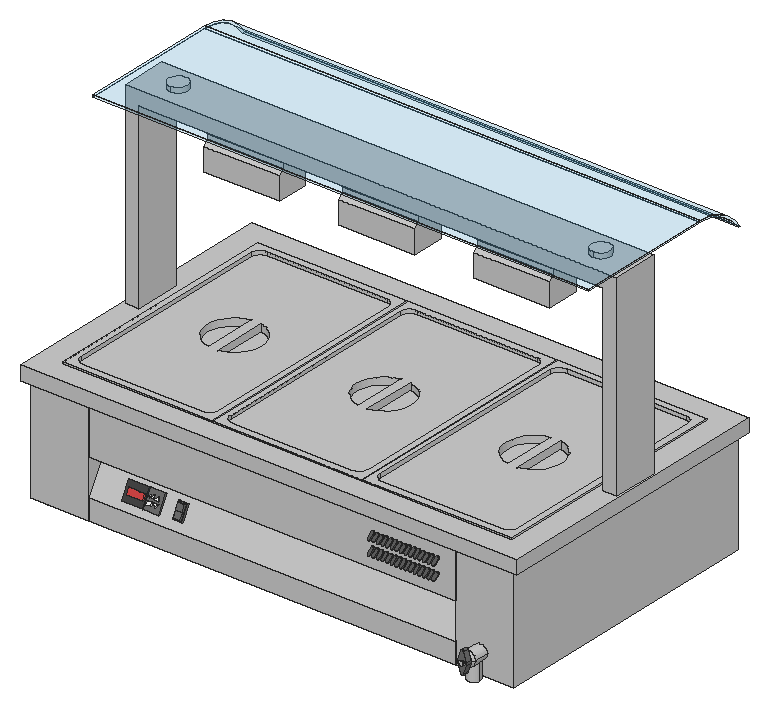
Revit family "QF_INOMAK_MSV610_250605082435", category Specialty Equipment, Revit 2021
Family settings
  Round Connector Dimension = Use Diameter
  Part Type = Normal
  OmniClass Number = 23.40.40.14
  OmniClass Title = Food Service Equipment
  Work Plane-Based = No
  Always vertical = Yes
  Cut with Voids When Loaded = No
  Shared = No
  Room Calculation Point = No
Parameters (values of type "MSV610")
  Weight [instance] = 43.00 kg
  Waste Water Discharge Temperature [instance] = 0 °C
  Waste Remarks [instance] = ""
  Warranty Start Date [instance] = ""
  Warranty Duration [instance] = ""
  Volts [instance] = 230 V
  Volt Free Conn [instance] = no
  URL Recommended Spares List [instance] = ""
  URL Manufacturer [instance] = ""
  URL Cutsheet [instance] = ""
  URL Critical Spares List [instance] = ""
  URL = "www.inomak.com"
  Technical Documentation [instance] = ""
  Tag Number [instance] = ""
  Status [instance] = ""
  Start Up Current [instance] = 0 A
  Specification by User [instance] = ""
  Specification by Manufacturer [instance] = ""
  Sound Level [instance] = ""
  Show Logo [instance] = yes
  Show Clearances [instance] = yes
  Service Life Duration [instance] = ""
  Serial Number [instance] = ""
  Seismic Rating [instance] = ""
  SMACNA No [instance] = ""
  Revision Code [instance] = ""
  Revision [instance] = ""
  Production Year [instance] = ""
  Potential Equalisation [instance] = no
  Point Load [instance] = 0
  Plumbing Connection Type [instance] = ""
  Phase [instance] = 1
  Other Equipment Approvals [instance] = ""
  Operational Current [instance] = 0 A
  Number of Poles [instance] = 2
  No Load Power Draw [instance] = no
  NAFEM Spec ID Number [instance] = ""
  Model Warning [instance] = ""
  Model = "MSV610"
  Min Ckt Ampacity [instance] = 0 A
  Max Overcurrent Protection [instance] = 16 A
  Masterspec [instance] = ""
  Manufacturer = "INOMAK"
  Main switch integrated [instance] = no
  Length Actual [instance] = 1078 mm
  Item Number [instance] = ""
  Installed By [instance] = ""
  Installation Date [instance] = ""
  Indirect Waste Size [instance] = 25.4 mm
  Indirect Waste Remarks [instance] = ""
  Indirect Waste Flow [instance] = 0.0 L/s
  Indirect Waste Connection Type [instance] = ""
  Indirect Waste Connection Height [instance] = 0 mm
  Identify Quantity as Lot [instance] = no
  ID [instance] = ""
  Hygiene Approval [instance] = ""
  Height Actual [instance] = 708 mm
  HP power [instance] = ""
  Furnished By [instance] = ""
  Foodservice Equipment Identifier [instance] = no
  FL Amps [instance] = 10.4 A
  Electrical Remarks [instance] = ""
  Electric power [instance] = 2390 W
  Electric Connection Type [instance] = ""
  Elec Conn RI Height [instance] = 0 mm
  Elec Conn Connection Height [instance] = 0 mm
  ETL Approved [instance] = no
  Direct Waste Water Discharge Temperature [instance] = -273.15 °C
  Direct Waste Size [instance] = 25.4 mm
  Direct Waste RI Height [instance] = 0 mm
  Direct Waste Flow [instance] = 0.0 L/s
  Direct Waste Connection Height [instance] = 0 mm
  Description = "PORTABLE BAIN MARIE WITH 3 GN PANS CAPACITY AND DOUBLE SNEEZE GUARD"
  Depth Actual [instance] = 629 mm
  Default Elevation = 0 mm
  Cycle [instance] = 50 Hz
  Cost = 0
  Connection to energy optimisation system [instance] = yes
  Conn Plug [instance] = ""
  Conn Conduit [instance] = no
  Centralized building control system with digital interface [instance] = ""
  CSI MasterFormat [instance] = ""
  CE Approved [instance] = no
  Barcode [instance] = 0
  Author [instance] = ""
  Asset Identifier [instance] = ""
  Apparent Power [instance] = 2390 VA
  Accessory [instance] = no
Reference planes
  plane 1 "Center (Front/Back)": y = 0
  plane 2: z = 0
  plane 3 "Center (Left/Right)": x = 0
Forms (mm)
  Extrusion 1, solid, not visible
    sketch origin (995.049, -600.029, 12.001) x (1, 0, 0) y (0, 1, 0)
      loop
        line (-2, 2) -> (-2, -2) -> (2, -2) -> (2, 2) -> (-2, 2)
    from -2 to 2
  Extrusion 2, solid, not visible
    sketch origin (80.004, -600.029, 12.001) x (1, 0, 0) y (0, 1, 0)
      loop
        line (-2, 2) -> (-2, -2) -> (2, -2) -> (2, 2) -> (-2, 2)
    from -2 to 2
Dimensions and locks
  locked: nested 2 to Extrusion 1 at 2  (x2)
  locked: nested 3 to Extrusion 2 at 2  (x2)
  aligned and locked: level to plane 2
Nested families
  nested 1: "QF_INOMAK_PORTABLE_BAIN_MARIES_1080_2920" at (0, 0, 0), type "MSV610"
    with Weight 43.00 kg, Warranty Start Date "", Warranty Duration "", URL Cutsheet "", Technical Documentation "", Tag Number "", Status "", Specification by User "", Specification by Manufacturer "", Sound Level "", Solid Fuel Type "", Show Logo yes, Show Clearances yes, Service Life Duration "", Serial Number "", Seismic Rating "", SMACNA No "", Revision Code "", Revision "", Production Year "", Point Load 0, Other Equipment Approvals "", NAFEM Spec ID Number "", Model Warning "", Masterspec "", Length Actual 1078 mm, Item Number "", Installed By "", Installation Date "", Identify Quantity as Lot yes, ID "", Hygiene Approval "", Height Actual 708 mm, Furnished By "", Foodservice Equipment Identifier yes, ETL Approved yes, Depth Actual 629 mm, CSI MasterFormat "", CE Approved yes, Barcode "", Author "", Asset Identifier "", Accessory no
  nested 2: "CONN_POINT_DRAIN_2D___Generic_Annotation" at (995.049, -600.029, 10), type "CONN_POINT_DRAIN_2D___Generic_Annotation"
    with Onboard connection annotation symbol visibility yes
  nested 3: "CONN_POINT_ELE_2D___Generic_Annotation" at (80.004, -600.029, 10), type "CONN_POINT_ELE_2D___Generic_Annotation"
    with Onboard connection annotation symbol visibility yes
  nested 4: "QF_INOMAK_HEAT_WORKTOPS_HTSS_1080_4720" at (0, 0, 268), type "HTSS-1080-630"
    with Weight 0.00 kg, Warranty Start Date "", Warranty Duration "", URL Cutsheet "", Technical Documentation "", Tag Number "", Status "", Specification by User "", Specification by Manufacturer "", Sound Level "", Solid Fuel Type "", Show Logo yes, Show Clearances yes, Service Life Duration "", Serial Number "", Seismic Rating "", SMACNA No "", Revision Code "", Revision "", Production Year "", Point Load 0, Other Equipment Approvals "", NAFEM Spec ID Number "", Model Warning "", Masterspec "", Length Actual 1078 mm, Item Number "", Installed By "", Installation Date "", Identify Quantity as Lot yes, ID "", Hygiene Approval "", Height Actual 440 mm, Furnished By "", Foodservice Equipment Identifier yes, ETL Approved yes, Depth Actual 629 mm, CSI MasterFormat "", CE Approved yes, Barcode "", Author "", Asset Identifier "", Accessory yes
Connectors
  piping at (995.049, -600.029, 10), diameter 25.4, driven by "Indirect Waste Size", driven by "Direct Waste Flow"
    settings: on Extrusion 1, index 1, connector inside diameter 609.6 mm, connector length 0 mm, flow factor 0, pipe flow 0.0 L/s, pressure drop 0.0 Pa, fitting loss kfactor 0, connector angle 0.00°, fixture units 0, engagement length 0 mm, angle of deflection 0.00°, flow configuration 1, flow direction 2, fitting loss method 0, system type 16, joint type 0, gender type 0, connector reference index -1, connector utility 0, adjustable connector no, is connector primary yes, connector description "Waste connection for MSV610"
  electrical at (80.004, -600.029, 10), driven by "Apparent Power", driven by "Number of Poles", driven by "Volts"
    settings: on Extrusion 2, index 2, voltage 230 V, apparent load 0 VA, apparent load phase1 2390 VA, apparent load phase2 0 VA, apparent load phase3 0 VA, power factor 1, load classification "Other", number of poles 2, system type 31, power factor state 1, is connector primary yes, connector utility no, sub classification motor no, connector description "Electrical connection for MSV610"
Definition of nested family "QF_INOMAK_PORTABLE_BAIN_MARIES_1080_2920"
  Parameters (values of type "MBSQ610")
    Weight [instance] = 0.00 kg
    Warranty Start Date [instance] = ""
    Warranty Duration [instance] = ""
    URL Cutsheet [instance] = ""
    URL = "www.inomak.com"
    Technical Documentation [instance] = ""
    Tag Number [instance] = ""
    Status [instance] = ""
    Specification by User [instance] = ""
    Specification by Manufacturer [instance] = ""
    Sound Level [instance] = ""
    Solid Fuel Type [instance] = ""
    Show Logo [instance] = yes
    Show Clearances [instance] = yes
    Service Life Duration [instance] = ""
    Serial Number [instance] = ""
    Seismic Rating [instance] = ""
    SMACNA No [instance] = ""
    Revision Code [instance] = ""
    Revision [instance] = ""
    Production Year [instance] = ""
    Point Load [instance] = 0
    Other Equipment Approvals [instance] = ""
    NAFEM Spec ID Number [instance] = ""
    Model Warning [instance] = ""
    Model = "MBSQ610"
    Masterspec [instance] = ""
    Manufacturer = "INOMAK"
    Length Actual [instance] = 0 mm
    Item Number [instance] = ""
    Installed By [instance] = ""
    Installation Date [instance] = ""
    Identify Quantity as Lot [instance] = yes
    ID [instance] = ""
    Hygiene Approval [instance] = ""
    Height Actual [instance] = 0 mm
    Furnished By [instance] = ""
    Foodservice Equipment Identifier [instance] = yes
    ETL Approved [instance] = yes
    Description = "PORTABLE BAIN MARIE WITH 3 GN PANS CAPACITY AND SQUARE SHOWCASE"
    Depth Actual [instance] = 0 mm
    Default Elevation = 0 mm
    CSI MasterFormat [instance] = ""
    CE Approved [instance] = yes
    Barcode [instance] = ""
    Author [instance] = ""
    Asset Identifier [instance] = ""
    Assembly Code = "E1090320"
    Accessory [instance] = yes
  Types (5, lengths in mm): name | Model | Description
    MBV610 | "MBV610" | "PORTABLE BAIN MARIE WITH 3 GN PANS CAPACITY AND SHOWCASE"
    MAV610 | "MAV610" | "PORTABLE BAIN MARIE WITH 3 GN PANS CAPACITY"
    MEV610 | "MEV610" | "PORTABLE BAIN MARIE WITH 3 GN PANS CAPACITY AND SINGLE SNEEZE GUARD"
    MSV610 | "MSV610" | "PORTABLE BAIN MARIE WITH 3 GN PANS CAPACITY AND DOUBLE SNEEZE GUARD"
    MBSQ610 | "MBSQ610" | "PORTABLE BAIN MARIE WITH 3 GN PANS CAPACITY AND SQUARE SHOWCASE"
  Reference planes
    plane 1 "Back": y = 0
    plane 2: z = 0
    plane 3 "Left": x = 0
    plane 4 "Right": x = 1078
    plane 5 "Front": y = -629
    plane 6 "Top": z = 268
  Forms (mm)
    Extrusion 1, solid
      sketch origin (233.428, -636, -16.393) x (-1, 0, 0) y (0, 0, 1)
        loop
          arc (-522.253, 222.665) -> (-526.351, 223.763) -> (-527.449, 219.665) r 3
          line (-527.449, 219.665) -> (-518.449, 204.077)
          arc (-518.449, 204.077) -> (-514.351, 202.979) -> (-513.253, 207.077) r 3
          line (-513.253, 207.077) -> (-522.253, 222.665)
        loop
          arc (-532.253, 222.665) -> (-536.351, 223.763) -> (-537.449, 219.665) r 3
          line (-537.449, 219.665) -> (-528.449, 204.077)
          arc (-528.449, 204.077) -> (-524.351, 202.979) -> (-523.253, 207.077) r 3
          line (-523.253, 207.077) -> (-532.253, 222.665)
        loop
          arc (-542.253, 222.665) -> (-546.351, 223.763) -> (-547.449, 219.665) r 3
          line (-547.449, 219.665) -> (-538.449, 204.077)
          arc (-538.449, 204.077) -> (-534.351, 202.979) -> (-533.253, 207.077) r 3
          line (-533.253, 207.077) -> (-542.253, 222.665)
        loop
          arc (-552.253, 222.665) -> (-556.351, 223.763) -> (-557.449, 219.665) r 3
          line (-557.449, 219.665) -> (-548.449, 204.077)
          arc (-548.449, 204.077) -> (-544.351, 202.979) -> (-543.253, 207.077) r 3
          line (-543.253, 207.077) -> (-552.253, 222.665)
        loop
          arc (-562.253, 222.665) -> (-566.351, 223.763) -> (-567.449, 219.665) r 3
          line (-567.449, 219.665) -> (-558.449, 204.077)
          arc (-558.449, 204.077) -> (-554.351, 202.979) -> (-553.253, 207.077) r 3
          line (-553.253, 207.077) -> (-562.253, 222.665)
        loop
          arc (-572.253, 222.665) -> (-576.351, 223.763) -> (-577.449, 219.665) r 3
          line (-577.449, 219.665) -> (-568.449, 204.077)
          arc (-568.449, 204.077) -> (-564.351, 202.979) -> (-563.253, 207.077) r 3
          line (-563.253, 207.077) -> (-572.253, 222.665)
        loop
          arc (-582.253, 222.665) -> (-586.351, 223.763) -> (-587.449, 219.665) r 3
          line (-587.449, 219.665) -> (-578.449, 204.077)
          arc (-578.449, 204.077) -> (-574.351, 202.979) -> (-573.253, 207.077) r 3
          line (-573.253, 207.077) -> (-582.253, 222.665)
        loop
          arc (-592.253, 222.665) -> (-596.351, 223.763) -> (-597.449, 219.665) r 3
          line (-597.449, 219.665) -> (-588.449, 204.077)
          arc (-588.449, 204.077) -> (-584.351, 202.979) -> (-583.253, 207.077) r 3
          line (-583.253, 207.077) -> (-592.253, 222.665)
        loop
          arc (-602.253, 222.665) -> (-606.351, 223.763) -> (-607.449, 219.665) r 3
          line (-607.449, 219.665) -> (-598.449, 204.077)
          arc (-598.449, 204.077) -> (-594.351, 202.979) -> (-593.253, 207.077) r 3
          line (-593.253, 207.077) -> (-602.253, 222.665)
        loop
          arc (-612.253, 222.665) -> (-616.351, 223.763) -> (-617.449, 219.665) r 3
          line (-617.449, 219.665) -> (-608.449, 204.077)
          arc (-608.449, 204.077) -> (-604.351, 202.979) -> (-603.253, 207.077) r 3
          line (-603.253, 207.077) -> (-612.253, 222.665)
        loop
          arc (-622.253, 222.665) -> (-626.351, 223.763) -> (-627.449, 219.665) r 3
          line (-627.449, 219.665) -> (-618.449, 204.077)
          arc (-618.449, 204.077) -> (-614.351, 202.979) -> (-613.253, 207.077) r 3
          line (-613.253, 207.077) -> (-622.253, 222.665)
        loop
          arc (-632.253, 222.665) -> (-636.351, 223.763) -> (-637.449, 219.665) r 3
          line (-637.449, 219.665) -> (-628.449, 204.077)
          arc (-628.449, 204.077) -> (-624.351, 202.979) -> (-623.253, 207.077) r 3
          line (-623.253, 207.077) -> (-632.253, 222.665)
        loop
          arc (-642.253, 222.665) -> (-646.351, 223.763) -> (-647.449, 219.665) r 3
          line (-647.449, 219.665) -> (-638.449, 204.077)
          arc (-638.449, 204.077) -> (-634.351, 202.979) -> (-633.253, 207.077) r 3
          line (-633.253, 207.077) -> (-642.253, 222.665)
        loop
          arc (-652.253, 222.665) -> (-656.351, 223.763) -> (-657.449, 219.665) r 3
          line (-657.449, 219.665) -> (-648.449, 204.077)
          arc (-648.449, 204.077) -> (-644.351, 202.979) -> (-643.253, 207.077) r 3
          line (-643.253, 207.077) -> (-652.253, 222.665)
        loop
          arc (-662.253, 222.665) -> (-666.351, 223.763) -> (-667.449, 219.665) r 3
          line (-667.449, 219.665) -> (-658.449, 204.077)
          arc (-658.449, 204.077) -> (-654.351, 202.979) -> (-653.253, 207.077) r 3
          line (-653.253, 207.077) -> (-662.253, 222.665)
        loop
          arc (-522.253, 192.665) -> (-526.351, 193.763) -> (-527.449, 189.665) r 3
          line (-527.449, 189.665) -> (-518.449, 174.077)
          arc (-518.449, 174.077) -> (-514.351, 172.979) -> (-513.253, 177.077) r 3
          line (-513.253, 177.077) -> (-522.253, 192.665)
        loop
          arc (-532.253, 192.665) -> (-536.351, 193.763) -> (-537.449, 189.665) r 3
          line (-537.449, 189.665) -> (-528.449, 174.077)
          arc (-528.449, 174.077) -> (-524.351, 172.979) -> (-523.253, 177.077) r 3
          line (-523.253, 177.077) -> (-532.253, 192.665)
        loop
          arc (-542.253, 192.665) -> (-546.351, 193.763) -> (-547.449, 189.665) r 3
          line (-547.449, 189.665) -> (-538.449, 174.077)
          arc (-538.449, 174.077) -> (-534.351, 172.979) -> (-533.253, 177.077) r 3
          line (-533.253, 177.077) -> (-542.253, 192.665)
        loop
          arc (-552.253, 192.665) -> (-556.351, 193.763) -> (-557.449, 189.665) r 3
          line (-557.449, 189.665) -> (-548.449, 174.077)
          arc (-548.449, 174.077) -> (-544.351, 172.979) -> (-543.253, 177.077) r 3
          line (-543.253, 177.077) -> (-552.253, 192.665)
        loop
          arc (-562.253, 192.665) -> (-566.351, 193.763) -> (-567.449, 189.665) r 3
          line (-567.449, 189.665) -> (-558.449, 174.077)
          arc (-558.449, 174.077) -> (-554.351, 172.979) -> (-553.253, 177.077) r 3
          line (-553.253, 177.077) -> (-562.253, 192.665)
        loop
          arc (-572.253, 192.665) -> (-576.351, 193.763) -> (-577.449, 189.665) r 3
          line (-577.449, 189.665) -> (-568.449, 174.077)
          arc (-568.449, 174.077) -> (-564.351, 172.979) -> (-563.253, 177.077) r 3
          line (-563.253, 177.077) -> (-572.253, 192.665)
        loop
          arc (-582.253, 192.665) -> (-586.351, 193.763) -> (-587.449, 189.665) r 3
          line (-587.449, 189.665) -> (-578.449, 174.077)
          arc (-578.449, 174.077) -> (-574.351, 172.979) -> (-573.253, 177.077) r 3
          line (-573.253, 177.077) -> (-582.253, 192.665)
        loop
          arc (-592.253, 192.665) -> (-596.351, 193.763) -> (-597.449, 189.665) r 3
          line (-597.449, 189.665) -> (-588.449, 174.077)
          arc (-588.449, 174.077) -> (-584.351, 172.979) -> (-583.253, 177.077) r 3
          line (-583.253, 177.077) -> (-592.253, 192.665)
        loop
          arc (-602.253, 192.665) -> (-606.351, 193.763) -> (-607.449, 189.665) r 3
          line (-607.449, 189.665) -> (-598.449, 174.077)
          arc (-598.449, 174.077) -> (-594.351, 172.979) -> (-593.253, 177.077) r 3
          line (-593.253, 177.077) -> (-602.253, 192.665)
        loop
          arc (-612.253, 192.665) -> (-616.351, 193.763) -> (-617.449, 189.665) r 3
          line (-617.449, 189.665) -> (-608.449, 174.077)
          arc (-608.449, 174.077) -> (-604.351, 172.979) -> (-603.253, 177.077) r 3
          line (-603.253, 177.077) -> (-612.253, 192.665)
        loop
          arc (-622.253, 192.665) -> (-626.351, 193.763) -> (-627.449, 189.665) r 3
          line (-627.449, 189.665) -> (-618.449, 174.077)
          arc (-618.449, 174.077) -> (-614.351, 172.979) -> (-613.253, 177.077) r 3
          line (-613.253, 177.077) -> (-622.253, 192.665)
        loop
          arc (-632.253, 192.665) -> (-636.351, 193.763) -> (-637.449, 189.665) r 3
          line (-637.449, 189.665) -> (-628.449, 174.077)
          arc (-628.449, 174.077) -> (-624.351, 172.979) -> (-623.253, 177.077) r 3
          line (-623.253, 177.077) -> (-632.253, 192.665)
        loop
          arc (-642.253, 192.665) -> (-646.351, 193.763) -> (-647.449, 189.665) r 3
          line (-647.449, 189.665) -> (-638.449, 174.077)
          arc (-638.449, 174.077) -> (-634.351, 172.979) -> (-633.253, 177.077) r 3
          line (-633.253, 177.077) -> (-642.253, 192.665)
        loop
          arc (-652.253, 192.665) -> (-656.351, 193.763) -> (-657.449, 189.665) r 3
          line (-657.449, 189.665) -> (-648.449, 174.077)
          arc (-648.449, 174.077) -> (-644.351, 172.979) -> (-643.253, 177.077) r 3
          line (-643.253, 177.077) -> (-652.253, 192.665)
        loop
          arc (-662.253, 192.665) -> (-666.351, 193.763) -> (-667.449, 189.665) r 3
          line (-667.449, 189.665) -> (-658.449, 174.077)
          arc (-658.449, 174.077) -> (-654.351, 172.979) -> (-653.253, 177.077) r 3
          line (-653.253, 177.077) -> (-662.253, 192.665)
      from 16.5 to 18.5
    Extrusion 2, solid
      sketch origin (0, -641.208, 0) x (-1, 0, 0) y (0, 0, 1)
        loop
          line (-15, 10) -> (-15, 238) -> (-140, 238) -> (-140, 10) -> (-15, 10)
      from 22.208 to 631.208
    Extrusion 3, solid
      sketch origin (0, 0, 238) x (1, 0, 0) y (0, 1, 0)
        loop
          line (0, 0) -> (0, -629) -> (1078, -629) -> (1078, 0) -> (0, 0)
        loop
          line (51.5, -579) -> (1026.5, -579) -> (1026.5, -49) -> (51.5, -49) -> (51.5, -579)
      from 0 to 30
    Extrusion 4, solid
      sketch origin (1079, -641.208, 0) x (1, 0, 0) y (0, 0, -1)
        loop
          line (-15, -10) -> (-141, -10) -> (-141, -238) -> (-15, -238) -> (-15, -10)
      from 22.208 to 631.208
    Extrusion 5, solid
      sketch origin (-1, 0, 0) x (0, 1, 0) y (0, 0, 1)
        loop
          line (-619, 238) -> (-619, 133.92) -> (-579, 124.282) -> (-619, 55) -> (-619, 10) -> (-10, 10) -> (-10, 238) -> (-619, 238)
      from 141 to 939
    Revolve 6, solid
      sketch origin (0, -594, 0) x (-1, 0, 0) y (0, 0, 1)
        loop
          line (-27.5, 10) -> (-40, 10) -> (-40, 0) -> (-30, 0) -> (-27.5, 10)
        axis (-40, 0) -> (-40, 10)
      angle from 0 to 360
    Revolve 7, solid
      sketch origin (1078, -594, 0) x (1, 0, 0) y (0, 0, -1)
        loop
          line (-27.5, -10) -> (-30, 0) -> (-40, 0) -> (-40, -10) -> (-27.5, -10)
        axis (-40, 0) -> (-40, -10)
      angle from 0 to 360
    Extrusion 8, solid
      sketch origin (-1, -646.329, 9.665) x (-1, 0, 0) y (0, 0.5, 0.866025)
        loop
          line (-208.234, 108.408) -> (-253.234, 108.408) -> (-253.234, 68.408) -> (-208.234, 68.408) -> (-208.234, 108.408)
      from 0 to 2
    Extrusion 9, solid
      sketch origin (-612.766, -619.914, 59.417) x (-1, 0, 0) y (0, 0.5, 0.866025)
        loop
          line (-950, 15) -> (-930, 15) -> (-930, 50) -> (-950, 50) -> (-950, 15)
      from 0 to 3
    Extrusion 10, solid
      sketch origin (-584.766, -511.66, -3.083) x (0, 0.866025, -0.5) y (0, 0.5, 0.866025)
        loop
          line (-125, 18) -> (-125, 47)
          arc (-125, 47) -> (-127.961, 46.812) -> (-130.754, 45.81) r 10.576
          line (-130.754, 45.81) -> (-128, 32.5) -> (-128, 18) -> (-125, 18)
      from 905 to 919
    Extrusion 11, solid
      sketch origin (44, -646.329, 9.665) x (-1, 0, 0) y (0, 0.5, 0.866025)
        loop
          line (-208.234, 108.408) -> (-243.234, 108.408) -> (-243.234, 68.408) -> (-208.234, 68.408) -> (-208.234, 108.408)
      from 0 to 2
    Extrusion 12, solid
      sketch origin (-1, -646.762, 9.915) x (-1, 0, 0) y (0, 0.5, 0.866025)
        loop
          line (-213.234, 94.908) -> (-248.234, 94.908) -> (-248.234, 81.908) -> (-213.234, 81.908) -> (-213.234, 94.908)
      from 0 to 2.5
    Extrusion 13, solid
      sketch origin (-1, -646.762, 9.915) x (-1, 0, 0) y (0, 0.5, 0.866025)
        loop
          line (-271.558, 91.171) -> (-275.802, 98.522) -> (-280.047, 91.171) -> (-271.558, 91.171)
        loop
          line (-271.558, 85.645) -> (-280.047, 85.645) -> (-275.802, 78.294) -> (-271.558, 85.645)
        loop
          line (-257.397, 85.645) -> (-267.397, 85.645) -> (-267.397, 78.294) -> (-257.397, 78.294) -> (-257.397, 85.645)
        loop
          line (-265.397, 98.522) -> (-267.397, 98.522) -> (-267.397, 92.322) -> (-259.549, 92.322) -> (-259.549, 91.171) -> (-257.397, 93.322) -> (-259.549, 95.474) -> (-259.549, 94.322) -> (-265.397, 94.322) -> (-265.397, 98.522)
      from 0 to 2.5
    Revolve 14, solid
      sketch origin (0, -25, 0) x (-1, 0, 0) y (0, 0, -1)
        loop
          line (-27.5, -10) -> (-30, 0) -> (-40, 0) -> (-40, -10) -> (-27.5, -10)
        axis (-40, 0) -> (-40, -10)
      angle from 0 to 360
    Revolve 15, solid
      sketch origin (1078, -25, 0) x (1, 0, 0) y (0, 0, 1)
        loop
          line (-27.5, 10) -> (-40, 10) -> (-40, 0) -> (-30, 0) -> (-27.5, 10)
        axis (-40, 0) -> (-40, 10)
      angle from 0 to 360
    Extrusion 16, solid
      sketch origin (319, 4.125, 0) x (1, 0, 0) y (0, 1, 0)
        loop
          circle (672.38, -640.973) r 13
        loop
          circle (672.38, -640.973) r 11
      from 10 to 55
    Revolve 17, solid
      sketch origin (319, 1, 55) x (1, 0, 0) y (0, 1, 0)
        loop
          line (657.38, -620) -> (657.38, -651.68) -> (662.497, -655.973) -> (672.497, -655.973) -> (672.497, -620) -> (657.38, -620)
        axis (672.497, -655.973) -> (672.497, -620)
      angle from 0 to 360
    Extrusion 18, solid
      sketch origin (319, -629, 0) x (-1, 0, 0) y (0, 0, 1)
        loop
          circle (-672.38, 55) r 5
      from -41.78 to -25.973
    Extrusion 19, solid
      sketch origin (319, -629, 0) x (-1, 0, 0) y (0, 0, 1)
        loop
          arc (-682.087, 57.836) -> (-682.497, 55) -> (-682.087, 52.164) r 10
          line (-682.087, 52.164) -> (-676.619, 33.676)
          arc (-676.619, 33.676) -> (-672.497, 30.597) -> (-668.376, 33.676) r 4.298
          line (-668.376, 33.676) -> (-662.908, 52.164)
          arc (-662.908, 52.164) -> (-662.497, 55) -> (-662.908, 57.836) r 10
          line (-662.908, 57.836) -> (-668.376, 76.324)
          arc (-668.376, 76.324) -> (-672.497, 79.403) -> (-676.619, 76.324) r 4.298
          line (-676.619, 76.324) -> (-682.087, 57.836)
      from -39.243 to -29.243
    Extrusion 20, solid
      sketch origin (-3.5, 1, 0) x (1, 0, 0) y (0, 1, 0)
        loop
          line (55, -50) -> (55, -580) -> (380, -580) -> (380, -50) -> (55, -50)
        loop
          arc (87.5, -65) -> (73.358, -70.858) -> (67.5, -85) r 20
          line (67.5, -85) -> (67.5, -545.415)
          arc (67.5, -545.415) -> (73.358, -559.557) -> (87.5, -565.415) r 20
          line (87.5, -565.415) -> (347.5, -565.415)
          arc (347.5, -565.415) -> (361.642, -559.557) -> (367.5, -545.415) r 20
          line (367.5, -545.415) -> (367.5, -85)
          arc (367.5, -85) -> (361.642, -70.858) -> (347.5, -65) r 20
          line (347.5, -65) -> (87.5, -65)
      from 238 to 270
    Extrusion 21, solid
      sketch origin (-3.5, 1, -7) x (1, 0, 0) y (0, 1, 0)
        loop
          arc (67.5, -545.415) -> (73.358, -559.557) -> (87.5, -565.415) r 20
          line (87.5, -565.415) -> (347.5, -565.415)
          arc (347.5, -565.415) -> (361.642, -559.557) -> (367.5, -545.415) r 20
          line (367.5, -545.415) -> (367.5, -85)
          arc (367.5, -85) -> (361.642, -70.858) -> (347.5, -65) r 20
          line (347.5, -65) -> (87.5, -65)
          arc (87.5, -65) -> (73.358, -70.858) -> (67.5, -85) r 20
          line (67.5, -85) -> (67.5, -545.415)
      from 245 to 270
    Extrusion 22, void
      sketch origin (-3.5, 1, 8) x (1, 0, 0) y (0, 1, 0)
        loop
          arc (207.5, -256.046) -> (157.5, -315.207) -> (207.5, -374.368) r 60
          line (207.5, -374.368) -> (207.5, -256.046)
        loop
          line (227.5, -256.046) -> (227.5, -374.368)
          arc (227.5, -374.368) -> (277.5, -315.207) -> (227.5, -256.046) r 60
      from 240 to 270
    Extrusion 23, solid
      sketch origin (321.5, 1, 0) x (1, 0, 0) y (0, 1, 0)
        loop
          line (55, -50) -> (55, -580) -> (380, -580) -> (380, -50) -> (55, -50)
        loop
          arc (87.5, -65) -> (73.358, -70.858) -> (67.5, -85) r 20
          line (67.5, -85) -> (67.5, -545.415)
          arc (67.5, -545.415) -> (73.358, -559.557) -> (87.5, -565.415) r 20
          line (87.5, -565.415) -> (347.5, -565.415)
          arc (347.5, -565.415) -> (361.642, -559.557) -> (367.5, -545.415) r 20
          line (367.5, -545.415) -> (367.5, -85)
          arc (367.5, -85) -> (361.642, -70.858) -> (347.5, -65) r 20
          line (347.5, -65) -> (87.5, -65)
      from 238 to 270
    Extrusion 24, solid
      sketch origin (321.5, 1, -7) x (1, 0, 0) y (0, 1, 0)
        loop
          arc (67.5, -545.415) -> (73.358, -559.557) -> (87.5, -565.415) r 20
          line (87.5, -565.415) -> (347.5, -565.415)
          arc (347.5, -565.415) -> (361.642, -559.557) -> (367.5, -545.415) r 20
          line (367.5, -545.415) -> (367.5, -85)
          arc (367.5, -85) -> (361.642, -70.858) -> (347.5, -65) r 20
          line (347.5, -65) -> (87.5, -65)
          arc (87.5, -65) -> (73.358, -70.858) -> (67.5, -85) r 20
          line (67.5, -85) -> (67.5, -545.415)
      from 245 to 270
    Extrusion 25, void
      sketch origin (321.5, 1, 8) x (1, 0, 0) y (0, 1, 0)
        loop
          arc (207.5, -256.046) -> (157.5, -315.207) -> (207.5, -374.368) r 60
          line (207.5, -374.368) -> (207.5, -256.046)
        loop
          line (227.5, -256.046) -> (227.5, -374.368)
          arc (227.5, -374.368) -> (277.5, -315.207) -> (227.5, -256.046) r 60
      from 240 to 270
    Extrusion 26, solid
      sketch origin (646.5, 1, 0) x (1, 0, 0) y (0, 1, 0)
        loop
          line (55, -50) -> (55, -580) -> (380, -580) -> (380, -50) -> (55, -50)
        loop
          arc (87.5, -65) -> (73.358, -70.858) -> (67.5, -85) r 20
          line (67.5, -85) -> (67.5, -545.415)
          arc (67.5, -545.415) -> (73.358, -559.557) -> (87.5, -565.415) r 20
          line (87.5, -565.415) -> (347.5, -565.415)
          arc (347.5, -565.415) -> (361.642, -559.557) -> (367.5, -545.415) r 20
          line (367.5, -545.415) -> (367.5, -85)
          arc (367.5, -85) -> (361.642, -70.858) -> (347.5, -65) r 20
          line (347.5, -65) -> (87.5, -65)
      from 238 to 270
    Extrusion 27, solid
      sketch origin (646.5, 1, -7) x (1, 0, 0) y (0, 1, 0)
        loop
          arc (67.5, -545.415) -> (73.358, -559.557) -> (87.5, -565.415) r 20
          line (87.5, -565.415) -> (347.5, -565.415)
          arc (347.5, -565.415) -> (361.642, -559.557) -> (367.5, -545.415) r 20
          line (367.5, -545.415) -> (367.5, -85)
          arc (367.5, -85) -> (361.642, -70.858) -> (347.5, -65) r 20
          line (347.5, -65) -> (87.5, -65)
          arc (87.5, -65) -> (73.358, -70.858) -> (67.5, -85) r 20
          line (67.5, -85) -> (67.5, -545.415)
      from 245 to 270
    Extrusion 28, void
      sketch origin (646.5, 1, 8) x (1, 0, 0) y (0, 1, 0)
        loop
          arc (207.5, -256.046) -> (157.5, -315.207) -> (207.5, -374.368) r 60
          line (207.5, -374.368) -> (207.5, -256.046)
        loop
          line (227.5, -256.046) -> (227.5, -374.368)
          arc (227.5, -374.368) -> (277.5, -315.207) -> (227.5, -256.046) r 60
      from 240 to 270
  Cuts and joins
    Extrusion 22, Extrusion 25 cuts Extrusion 21
    Extrusion 25, Extrusion 28 cuts Extrusion 24
    Extrusion 28 cuts Extrusion 27
  Lines and regions (mm)
    symbolic lines
      curve 1: line (0, 0, 0) -> (1078, 0, 0)
      curve 2: line (0, -629, 0) -> (0, 0, 0)
      curve 3: line (1078, -629, 0) -> (0, -629, 0)
      curve 4: line (1078, 0, 0) -> (1078, -629, 0)
      curve 5: line (51.5, -49, 0) -> (1026.5, -49, 0)
      curve 6: line (51.5, -579, 0) -> (51.5, -49, 0)
      curve 7: line (1026.5, -579, 0) -> (51.5, -579, 0)
      curve 8: line (701.5, -49, 0) -> (701.5, -579, 0)
      curve 9: line (376.5, -49, 0) -> (376.5, -579, 0)
      curve 10: line (1026.5, -49, 0) -> (1026.5, -579, 0)
      curve 11: line (84, -64, 0) -> (344, -64, 0)
      curve 12: arc (344, -64, 0) -> (358.142, -69.858, 0) -> (364, -84, 0) r 20
      curve 13: line (364, -84, 0) -> (364, -544.415, 0)
      curve 14: arc (364, -544.415, 0) -> (358.142, -558.557, 0) -> (344, -564.415, 0) r 20
      curve 15: line (344, -564.415, 0) -> (84, -564.415, 0)
      curve 16: arc (84, -564.415, 0) -> (69.858, -558.557, 0) -> (64, -544.415, 0) r 20
      curve 17: line (64, -544.415, 0) -> (64, -84, 0)
      curve 18: arc (64, -84, 0) -> (69.858, -69.858, 0) -> (84, -64, 0) r 20
      curve 19: arc (204, -255.046, 0) -> (154, -314.207, 0) -> (204, -373.368, 0) r 60
      curve 20: line (204, -373.368, 0) -> (204, -255.046, 0)
      curve 21: line (224, -255.046, 0) -> (224, -373.368, 0)
      curve 22: arc (224, -373.368, 0) -> (274, -314.207, 0) -> (224, -255.046, 0) r 60
      curve 23: line (389, -544.415, 0) -> (389, -84, 0)
      curve 24: arc (389, -84, 0) -> (394.858, -69.858, 0) -> (409, -64, 0) r 20
      curve 25: line (409, -64, 0) -> (669, -64, 0)
      curve 26: arc (669, -64, 0) -> (683.142, -69.858, 0) -> (689, -84, 0) r 20
      curve 27: line (689, -84, 0) -> (689, -544.415, 0)
      curve 28: arc (689, -544.415, 0) -> (683.142, -558.557, 0) -> (669, -564.415, 0) r 20
      curve 29: line (669, -564.415, 0) -> (409, -564.415, 0)
      curve 30: arc (409, -564.415, 0) -> (394.858, -558.557, 0) -> (389, -544.415, 0) r 20
      curve 31: arc (529, -255.046, 0) -> (479, -314.207, 0) -> (529, -373.368, 0) r 60
      curve 32: line (529, -373.368, 0) -> (529, -255.046, 0)
      curve 33: line (549, -255.046, 0) -> (549, -373.368, 0)
      curve 34: arc (549, -373.368, 0) -> (599, -314.207, 0) -> (549, -255.046, 0) r 60
      curve 35: arc (854, -255.046, 0) -> (804, -314.207, 0) -> (854, -373.368, 0) r 60
      curve 36: line (854, -373.368, 0) -> (854, -255.046, 0)
      curve 37: line (874, -255.046, 0) -> (874, -373.368, 0)
      curve 38: arc (874, -373.368, 0) -> (924, -314.207, 0) -> (874, -255.046, 0) r 60
      curve 39: line (714, -544.415, 0) -> (714, -84, 0)
      curve 40: arc (714, -84, 0) -> (719.858, -69.858, 0) -> (734, -64, 0) r 20
      curve 41: line (734, -64, 0) -> (994, -64, 0)
      curve 42: arc (994, -64, 0) -> (1008.142, -69.858, 0) -> (1014, -84, 0) r 20
      curve 43: line (1014, -84, 0) -> (1014, -544.415, 0)
      curve 44: arc (1014, -544.415, 0) -> (1008.142, -558.557, 0) -> (994, -564.415, 0) r 20
      curve 45: line (994, -564.415, 0) -> (734, -564.415, 0)
      curve 46: arc (734, -564.415, 0) -> (719.858, -558.557, 0) -> (714, -544.415, 0) r 20
  Dimensions and locks
    plane 3 "Left" to plane 4 "Right" = 1078 mm
    plane 5 "Front" to plane 1 "Back" = 629 mm
    plane 6 "Top" to plane 2 = 268 mm
    aligned and locked: level to plane 2
Definition of nested family "QF_INOMAK_HEAT_WORKTOPS_HTSS_1080_4720"
  Parameters (values of type "HTSS-1080-630")
    Weight [instance] = 0.00 kg
    Warranty Start Date [instance] = ""
    Warranty Duration [instance] = ""
    URL Cutsheet [instance] = ""
    URL = "www.inomak.com"
    Technical Documentation [instance] = ""
    Tag Number [instance] = ""
    Status [instance] = ""
    Specification by User [instance] = ""
    Specification by Manufacturer [instance] = ""
    Sound Level [instance] = ""
    Solid Fuel Type [instance] = ""
    Show Logo [instance] = yes
    Show Clearances [instance] = yes
    Service Life Duration [instance] = ""
    Serial Number [instance] = ""
    Seismic Rating [instance] = ""
    SMACNA No [instance] = ""
    Revision Code [instance] = ""
    Revision [instance] = ""
    Production Year [instance] = ""
    Point Load [instance] = 0
    Other Equipment Approvals [instance] = ""
    NAFEM Spec ID Number [instance] = ""
    Model Warning [instance] = ""
    Model = "HTSS"
    Masterspec [instance] = ""
    Manufacturer = "INOMAK"
    Length Actual [instance] = 0 mm
    Item Number [instance] = ""
    Installed By [instance] = ""
    Installation Date [instance] = ""
    Identify Quantity as Lot [instance] = yes
    ID [instance] = ""
    Hygiene Approval [instance] = ""
    Height Actual [instance] = 0 mm
    Furnished By [instance] = ""
    Foodservice Equipment Identifier [instance] = yes
    ETL Approved [instance] = yes
    Description = "SINGLE SNEEZE GUARD"
    Depth Actual [instance] = 0 mm
    Default Elevation = 0 mm
    CSI MasterFormat [instance] = ""
    CE Approved [instance] = yes
    Barcode [instance] = ""
    Author [instance] = ""
    Asset Identifier [instance] = ""
    Assembly Code = "E1090320"
    Accessory [instance] = yes
  Reference planes
    plane 1 "Back": y = 0
    plane 2: z = 0
    plane 3 "Left": x = 0
    plane 4 "Right": x = 1078
    plane 5 "Front": y = -629
    plane 6 "Top": z = 440
  Forms (mm)
    Extrusion 1, solid
      sketch origin (1080, 0, -833) x (0, -1, 0) y (0, 0, 1)
        loop
          line (20, 1213.94) -> (25.993, 1213.94)
          arc (25.993, 1213.94) -> (70.349, 1253.652) -> (128.129, 1268) r 123.514
          line (128.129, 1268) -> (432.8, 1268) -> (432.8, 1273) -> (128.129, 1273)
          arc (128.129, 1273) -> (66.526, 1257.273) -> (20, 1213.94) r 128.514
      from 2 to 1080
    Extrusion 2, solid
      sketch origin (0, -695.221, -833) x (-1, 0, 0) y (0, 0, 1)
        loop
          line (-5, 833) -> (-5, 1258) -> (-1073, 1258) -> (-1073, 833) -> (-1043, 833) -> (-1043, 1228) -> (-35, 1228) -> (-35, 833) -> (-5, 833)
      from 345.221 to 445.221
    Extrusion 3, solid
      sketch origin (0, 1874.578, 40) x (0, 1, 0) y (-1, 0, 0)
        loop
          circle (-2174.578, -80) r 20
      from 385 to 395
    Extrusion 4, solid
      sketch origin (-2, 1874.578, 40) x (0, 1, 0) y (-1, 0, 0)
        loop
          circle (-2174.578, -1000) r 20
      from 385 to 395
    Extrusion 5, solid
      sketch origin (152.75, 0, 0) x (0, 1, 0) y (0, 0, 1)
        loop
          line (-265, 395) -> (-335, 395) -> (-335, 385) -> (-324.393, 374.393) -> (-275.607, 374.393) -> (-265, 385) -> (-265, 395)
      from 10 to 175
    Extrusion 6, solid
      sketch origin (162.75, 0, 0) x (0, 1, 0) y (0, 0, 1)
        loop
          line (-275.607, 374.393) -> (-324.393, 374.393) -> (-324.393, 364.393) -> (-335, 353.787) -> (-335, 305) -> (-265, 305) -> (-265, 353.787) -> (-275.607, 364.393) -> (-275.607, 374.393)
      from 0 to 5
    Extrusion 7, solid
      sketch origin (167.75, 0, 0) x (0, 1, 0) y (0, 0, 1)
        loop
          line (-275.607, 374.393) -> (-324.393, 374.393) -> (-324.393, 364.393) -> (-335, 353.787) -> (-335, 305) -> (-330, 305) -> (-330, 348.787) -> (-270, 348.787) -> (-270, 305) -> (-265, 305) -> (-265, 353.787) -> (-275.607, 364.393) -> (-275.607, 374.393)
      from 0 to 155
    Extrusion 8, solid
      sketch origin (322.75, 0, 0) x (0, 1, 0) y (0, 0, 1)
        loop
          line (-275.607, 374.393) -> (-324.393, 374.393) -> (-324.393, 364.393) -> (-335, 353.787) -> (-335, 305) -> (-265, 305) -> (-265, 353.787) -> (-275.607, 364.393) -> (-275.607, 374.393)
      from 0 to 5
    Extrusion 9, solid
      sketch origin (446.5, 0, 0) x (0, 1, 0) y (0, 0, 1)
        loop
          line (-265, 395) -> (-335, 395) -> (-335, 385) -> (-324.393, 374.393) -> (-275.607, 374.393) -> (-265, 385) -> (-265, 395)
      from 10 to 175
    Extrusion 10, solid
      sketch origin (456.5, 0, 0) x (0, 1, 0) y (0, 0, 1)
        loop
          line (-275.607, 374.393) -> (-324.393, 374.393) -> (-324.393, 364.393) -> (-335, 353.787) -> (-335, 305) -> (-265, 305) -> (-265, 353.787) -> (-275.607, 364.393) -> (-275.607, 374.393)
      from 0 to 5
    Extrusion 11, solid
      sketch origin (461.5, 0, 0) x (0, 1, 0) y (0, 0, 1)
        loop
          line (-275.607, 374.393) -> (-324.393, 374.393) -> (-324.393, 364.393) -> (-335, 353.787) -> (-335, 305) -> (-330, 305) -> (-330, 348.787) -> (-270, 348.787) -> (-270, 305) -> (-265, 305) -> (-265, 353.787) -> (-275.607, 364.393) -> (-275.607, 374.393)
      from 0 to 155
    Extrusion 12, solid
      sketch origin (616.5, 0, 0) x (0, 1, 0) y (0, 0, 1)
        loop
          line (-275.607, 374.393) -> (-324.393, 374.393) -> (-324.393, 364.393) -> (-335, 353.787) -> (-335, 305) -> (-265, 305) -> (-265, 353.787) -> (-275.607, 364.393) -> (-275.607, 374.393)
      from 0 to 5
    Extrusion 13, solid
      sketch origin (925.25, 0, 0) x (0, 1, 0) y (0, 0, -1)
        loop
          line (-265, -395) -> (-265, -385) -> (-275.607, -374.393) -> (-324.393, -374.393) -> (-335, -385) -> (-335, -395) -> (-265, -395)
      from 10 to 175
    Extrusion 14, solid
      sketch origin (915.25, 0, 0) x (0, 1, 0) y (0, 0, -1)
        loop
          line (-275.607, -374.393) -> (-275.607, -364.393) -> (-265, -353.787) -> (-265, -305) -> (-335, -305) -> (-335, -353.787) -> (-324.393, -364.393) -> (-324.393, -374.393) -> (-275.607, -374.393)
      from 0 to 5
    Extrusion 15, solid
      sketch origin (910.25, 0, 0) x (0, 1, 0) y (0, 0, -1)
        loop
          line (-275.607, -374.393) -> (-275.607, -364.393) -> (-265, -353.787) -> (-265, -305) -> (-270, -305) -> (-270, -348.787) -> (-330, -348.787) -> (-330, -305) -> (-335, -305) -> (-335, -353.787) -> (-324.393, -364.393) -> (-324.393, -374.393) -> (-275.607, -374.393)
      from 0 to 155
    Extrusion 16, solid
      sketch origin (755.25, 0, 0) x (0, 1, 0) y (0, 0, -1)
        loop
          line (-275.607, -374.393) -> (-275.607, -364.393) -> (-265, -353.787) -> (-265, -305) -> (-335, -305) -> (-335, -353.787) -> (-324.393, -364.393) -> (-324.393, -374.393) -> (-275.607, -374.393)
      from 0 to 5
  Cuts and joins
    joined: Extrusion 6, Extrusion 7, Extrusion 8
    joined: Extrusion 10, Extrusion 11, Extrusion 12
    joined: Extrusion 14, Extrusion 15, Extrusion 16
  Lines and regions (mm)
    Masking region 1
      outline origin (0, 0, 0) x (1, 0, 0) y (0, 1, 0)
        loop
          line (0, -20) -> (0, -432.8) -> (1078, -432.8) -> (1078, -20) -> (0, -20)
    symbolic lines
      curve 1: line (0, -20, 0) -> (1078, -20, 0)
      curve 2: line (0, -432.8, 0) -> (0, -20, 0)
      curve 3: line (1078, -432.8, 0) -> (0, -432.8, 0)
      curve 4: line (1078, -20, 0) -> (1078, -432.8, 0)
  Dimensions and locks
    plane 3 "Left" to plane 4 "Right" = 1078 mm
    plane 5 "Front" to plane 1 "Back" = 629 mm
    plane 6 "Top" to plane 2 = 440 mm
    aligned and locked: level to plane 2
Definition of nested family "CONN_POINT_DRAIN_2D___Generic_Annotation"
  Parameters (values of type "CONN_POINT_DRAIN_2D___Generic_Annotation")
    Onboard connection annotation symbol visibility [instance] = yes
  Reference planes
    plane 1: y = 0
    plane 2: x = 0
  Lines and regions (mm)
    detail lines, visible <- "Onboard connection annotation symbol visibility"
      curve 1: circle (0, 0, 0) r 0.5 normal (0, 0, 1)
      curve 2: line (-1, 0, 0) -> (1, 0, 0)
      curve 3: line (0, 1, 0) -> (0, -1, 0)
      curve 4: line (1.776, 1, 0) -> (1.25, 1, 0)
      curve 5: line (1.25, 1, 0) -> (1.25, -1, 0)
      curve 6: line (1.25, -1, 0) -> (1.776, -1, 0)
      curve 7: arc (2.206, -0.862, 0) -> (2.459, -0.589, 0) -> (2.583, -0.238, 0) r 0.918
      curve 8: arc (2.583, 0.238, 0) -> (2.459, 0.589, 0) -> (2.206, 0.862, 0) r 0.918
      curve 9: arc (2.583, -0.238, 0) -> (2.599, 0, 0) -> (2.583, 0.238, 0) r 1.77
      curve 10: arc (2.206, 0.862, 0) -> (2.002, 0.965, 0) -> (1.776, 1, 0) r 0.741
      curve 11: arc (1.776, -1, 0) -> (2.002, -0.965, 0) -> (2.206, -0.862, 0) r 0.741
Definition of nested family "CONN_POINT_ELE_2D___Generic_Annotation"
  Parameters (values of type "CONN_POINT_ELE_2D___Generic_Annotation")
    Onboard connection annotation symbol visibility [instance] = yes
  Reference planes
    plane 1: y = 0
    plane 2: x = 0
  Lines and regions (mm)
    detail lines, visible <- "Onboard connection annotation symbol visibility"
      curve 1: circle (0, 0, 0) r 0.5 normal (0, 0, 1)
      curve 2: line (-1, 0, 0) -> (1, 0, 0)
      curve 3: line (0, 1, 0) -> (0, -1, 0)
      curve 4: line (2.5, 1, 0) -> (1.25, 1, 0)
      curve 5: line (1.25, 1, 0) -> (1.25, -1, 0)
      curve 6: line (1.25, -1, 0) -> (2.5, -1, 0)
      curve 7: line (1.25, 0, 0) -> (2, 0, 0)
